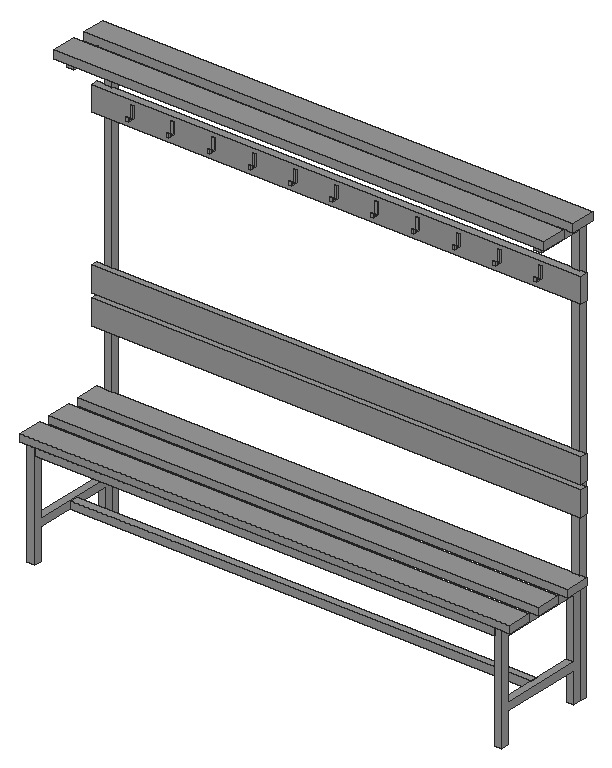
Revit family "Скамейка с вешалкой для раздевалок «Ювентус» Арт 20487", category Антураж, Revit 2018
Family settings
  На основе рабочей плоскости = Нет
  Всегда вертикально = Да
  При загрузке вырезать с полостями = Нет
  Источник визуального образа = Геометрия семейства
  Общий = Нет
  Точка расчета площади = Нет
Parameters (values of type "Версия 2,0 м")
  Ширина = 425 mm  # constant formula
  Цвет лавки = Тик
  Цвет крючков = Хром
  Цвет каркаса = Сталь
  Описание = if([Версия 1,2 м], "Скамейка с вешалкой для раздевалок «Ювентус» 1,2 м", if([Версия 1,5 м], "Скамейка с вешалкой для раздевалок «Ювентус» 1,5 м", "Скамейка с вешалкой для раздевалок «Ювентус» 2,0 м"))  # "Скамейка с вешалкой для раздевалок «Ювентус» 2,0 м"
  Материал изделия = "Сталь, дерево"  # constant formula
  Л1 = Длина / ([Кол-во крючков] + 1)  # 166.667 mm
  Кол-во крючков = if([Версия 1,2 м], 6, if([Версия 1,5 м], 8, 11))  # 11
  Изображение типоразмера = Скамейка с вешалкой для раздевалок «Ювентус» Арт 20487.jpg
  Изготовитель = "ООО «Хоббика»"  # constant formula
  Длина = if([Версия 1,2 м], 1200 mm, if([Версия 1,5 м], 1500 mm, 2000 mm))  # 2000 mm
  Группа модели = "Скамейки для раздевалок"  # constant formula
  Высота = 1785 mm  # constant formula
  Версия 2,0 м = yes
  Версия 1,5 м = no
  Версия 1,2 м = no
  Артикул товара = "Арт. 20487"  # constant formula
  URL = "https://hobbyka.ru/product/skameyka_dlya_razdevalok_latsio/"
Types (4, lengths in mm): name | Описание | Л1 | Кол-во крючков | Длина | Версия 2,0 м | Версия 1,5 м | Версия 1,2 м
  (no name) | "Скамейка с вешалкой для раздевалок «Ювентус» 2,0 м" | 166.667 | 11 | 2000 | yes | no | no
  Версия 1,2 м | "Скамейка с вешалкой для раздевалок «Ювентус» 1,2 м" | 171.429 | 6 | 1200 | no | no | yes
  Версия 1,5 м | "Скамейка с вешалкой для раздевалок «Ювентус» 1,5 м" | 166.667 | 8 | 1500 | no | yes | no
  Версия 2,0 м | "Скамейка с вешалкой для раздевалок «Ювентус» 2,0 м" | 166.667 | 11 | 2000 | yes | no | no
Reference planes
  plane 1 "По центру (Вперед/Назад)": y = 0
  plane 2: z = 0
  plane 3 "По центру (Влево/Вправо)": x = 0
  plane 4: x = 2000
  plane 5: y = 425
  plane 6: z = 1785
  plane 7: x = 30
  plane 8: x = 60
  plane 9: x = 1970
  plane 10: x = 1940
Forms (mm)
  Extrusion 1, solid, material "Тик" <- "Цвет лавки"
    sketch origin (0, 0, 0) x (0, 1, 0) y (0, 0, 1)
      loop
        line (425, 1755) -> (425, 1785) -> (325, 1785) -> (325, 1755) -> (425, 1755)
      loop
        line (275, 1755) -> (275, 1785) -> (175, 1785) -> (175, 1755) -> (275, 1755)
      loop
        line (395, 1575) -> (365, 1575) -> (365, 1475) -> (395, 1475) -> (395, 1575)
      loop
        line (395, 915) -> (365, 915) -> (365, 815) -> (395, 815) -> (395, 915)
      loop
        line (395, 795) -> (365, 795) -> (365, 695) -> (395, 695) -> (395, 795)
      loop
        line (395, 460) -> (295, 460) -> (295, 430) -> (395, 430) -> (395, 460)
      loop
        line (247.5, 460) -> (147.5, 460) -> (147.5, 430) -> (247.5, 430) -> (247.5, 460)
      loop
        line (100, 460) -> (0, 460) -> (0, 430) -> (100, 430) -> (100, 460)
    from 0 to 2000
  Extrusion 2, solid, material "Сталь" <- "Цвет каркаса"
    sketch origin (0, 0, 0) x (0, 1, 0) y (0, 0, 1)
      loop
        line (200, 1755) -> (200, 1725) -> (395, 1725) -> (395, 0) -> (425, 0) -> (425, 1755) -> (200, 1755)
    from 30 to 60
  Extrusion 3, solid, material "Сталь" <- "Цвет каркаса"
    sketch origin (0, 0, 0) x (0, 1, 0) y (0, 0, 1)
      loop
        line (200, 1755) -> (200, 1725) -> (395, 1725) -> (395, 0) -> (425, 0) -> (425, 1755) -> (200, 1755)
    from 1940 to 1970
  Extrusion 4, solid, material "Сталь" <- "Цвет каркаса"
    sketch origin (0, 0, 0) x (0, 1, 0) y (0, 0, 1)
      loop
        line (395, 0) -> (395, 430) -> (0, 430) -> (0, 0) -> (30, 0) -> (30, 125) -> (365, 125) -> (365, 0) -> (395, 0)
      loop
        line (365, 400) -> (30, 400) -> (30, 155) -> (365, 155) -> (365, 400)
    from 30 to 60
  Extrusion 5, solid, material "Сталь" <- "Цвет каркаса"
    sketch origin (0, 0, 0) x (0, 1, 0) y (0, 0, 1)
      loop
        line (395, 0) -> (395, 430) -> (0, 430) -> (0, 0) -> (30, 0) -> (30, 125) -> (365, 125) -> (365, 0) -> (395, 0)
      loop
        line (365, 400) -> (30, 400) -> (30, 155) -> (365, 155) -> (365, 400)
    from 1940 to 1970
  Extrusion 6, solid, material "Сталь" <- "Цвет каркаса"
    sketch origin (0, 0, 0) x (0, 1, 0) y (0, 0, 1)
      loop
        line (212.5, 155) -> (182.5, 155) -> (182.5, 125) -> (212.5, 125) -> (212.5, 155)
      loop
        line (0, 430) -> (0, 400) -> (30, 400) -> (30, 430) -> (0, 430)
      loop
        line (395, 430) -> (365, 430) -> (365, 400) -> (395, 400) -> (395, 430)
    from 60 to 1940
Dimensions and locks
  "Ширина": plane 5 to plane 1 "По центру (Вперед/Назад)"
  "Длина": plane 3 "По центру (Влево/Вправо)" to plane 4
  "Высота": plane 6 to level
  plane 3 "По центру (Влево/Вправо)" to plane 7 to plane 8 = 30 mm locked, 30 mm locked
  plane 10 to plane 9 to plane 4 = 30 mm locked, 30 mm locked
  Extrusion 1 to nested 1 to Extrusion 1 = 50 mm, 50 mm
  "Л1": nested 1 to plane 3 "По центру (Влево/Вправо)"
  equal spacing: group 1, group 2, group 3, group 4, group 5, group 6, group 7, group 8, group 9, group 10, group 11  (x3)
  "Л1": nested 2 to nested 1
  aligned and locked: level to plane 2
  aligned and locked: plane 4 to Extrusion 1
  aligned and locked: Extrusion 1 to plane 3 "По центру (Влево/Вправо)"
  aligned and locked: Extrusion 2 to plane 7
  aligned and locked: plane 8 to Extrusion 2
  aligned and locked: plane 9 to Extrusion 3
  aligned and locked: Extrusion 3 to plane 10
  aligned and locked: Extrusion 4 to Extrusion 2
  aligned and locked: Extrusion 2 to Extrusion 4
  aligned and locked: plane 9 to Extrusion 5
  aligned and locked: Extrusion 5 to plane 10
  aligned and locked: plane 10 to Extrusion 6
  aligned and locked: Extrusion 6 to Extrusion 2
Automatic sketch dimensions
  Extrusion 1 sketch curve to plane 1 "По центру (Вперед/Назад)" = 0 mm
  Extrusion 1 sketch curve to plane 6 = 0 mm  (x2)
  Extrusion 1 sketch curve to plane 5 = 0 mm
  Extrusion 1 sketch curve to plane 1 "По центру (Вперед/Назад)" = 100 mm
  Extrusion 1 sketch curve to Extrusion 1 sketch curve = 47.5 mm  (x2)
  Extrusion 1 sketch curve to plane 1 "По центру (Вперед/Назад)" = 175 mm
  Extrusion 1 sketch curve to Extrusion 1 sketch curve = 100 mm  (x5)
  Extrusion 1 sketch curve to Extrusion 1 sketch curve = 50 mm
  Extrusion 1 sketch curve to plane 5 = 60 mm  (x3)
  Extrusion 1 sketch curve to plane 5 = 30 mm  (x3)
  Extrusion 1 sketch curve to Extrusion 1 sketch curve = 0 mm  (x3)
  Extrusion 1 sketch curve to plane 6 = 30 mm  (x2)
  Extrusion 1 sketch curve to Extrusion 1 sketch curve = 180 mm
  Extrusion 1 sketch curve to Extrusion 1 sketch curve = 560 mm
  Extrusion 1 sketch curve to Extrusion 1 sketch curve = 20 mm
  Extrusion 1 sketch curve to Extrusion 1 sketch curve = 235 mm
  Extrusion 1 sketch curve to Extrusion 1 sketch curve = 30 mm  (x3)
  Extrusion 2 sketch curve to level = 0 mm
  Extrusion 2 sketch curve to plane 5 = 0 mm
  Extrusion 2 sketch curve to plane 5 = 30 mm
  Extrusion 2 sketch curve to plane 6 = 60 mm
  Extrusion 2 sketch curve to Extrusion 2 sketch curve = 195 mm
  Extrusion 2 sketch curve to plane 6 = 30 mm
  Extrusion 3 sketch curve to level = 0 mm
  Extrusion 3 sketch curve to plane 5 = 0 mm
  Extrusion 3 sketch curve to plane 5 = 30 mm
  Extrusion 3 sketch curve to plane 6 = 60 mm
  Extrusion 3 sketch curve to Extrusion 3 sketch curve = 195 mm
  Extrusion 3 sketch curve to plane 6 = 30 mm
  Extrusion 4 sketch curve to level = 0 mm  (x2)
  Extrusion 4 sketch curve to plane 1 "По центру (Вперед/Назад)" = 0 mm
  Extrusion 4 sketch curve to plane 1 "По центру (Вперед/Назад)" = 30 mm  (x2)
  Extrusion 4 sketch curve to plane 5 = 60 mm  (x2)
  Extrusion 4 sketch curve to Extrusion 4 sketch curve = 30 mm  (x3)
  level to Extrusion 4 sketch curve = 125 mm
  Extrusion 4 sketch curve to Extrusion 4 sketch curve = 245 mm
  Extrusion 5 sketch curve to level = 0 mm  (x2)
  Extrusion 5 sketch curve to plane 1 "По центру (Вперед/Назад)" = 0 mm
  Extrusion 5 sketch curve to plane 1 "По центру (Вперед/Назад)" = 30 mm  (x2)
  Extrusion 5 sketch curve to plane 5 = 60 mm  (x2)
  Extrusion 5 sketch curve to Extrusion 5 sketch curve = 30 mm  (x3)
  level to Extrusion 5 sketch curve = 125 mm
  Extrusion 5 sketch curve to Extrusion 5 sketch curve = 245 mm
  Extrusion 6 sketch curve to plane 1 "По центру (Вперед/Назад)" = 0 mm
  Extrusion 6 sketch curve to plane 1 "По центру (Вперед/Назад)" = 30 mm
  Extrusion 6 sketch curve to plane 1 "По центру (Вперед/Назад)" = 182.5 mm
  Extrusion 6 sketch curve to Extrusion 6 sketch curve = 30 mm  (x5)
  Extrusion 6 sketch curve to plane 5 = 60 mm
  level to Extrusion 6 sketch curve = 125 mm
  Extrusion 6 sketch curve to Extrusion 6 sketch curve = 245 mm  (x2)
Nested families
  nested 1: "Крючек для ювентуса" at (166.667, 365, 1510), type "Крючек для ювентуса"
  nested 2: "Крючек для ювентуса" at (333.333, 365, 1510), type "Крючек для ювентуса"
  nested 3: "Крючек для ювентуса" at (500, 365, 1510), type "Крючек для ювентуса"
  nested 4: "Крючек для ювентуса" at (666.667, 365, 1510), type "Крючек для ювентуса"
  nested 5: "Крючек для ювентуса" at (833.333, 365, 1510), type "Крючек для ювентуса"
  nested 6: "Крючек для ювентуса" at (1000, 365, 1510), type "Крючек для ювентуса"
  nested 7: "Крючек для ювентуса" at (1166.667, 365, 1510), type "Крючек для ювентуса"
  nested 8: "Крючек для ювентуса" at (1333.333, 365, 1510), type "Крючек для ювентуса"
  nested 9: "Крючек для ювентуса" at (1500, 365, 1510), type "Крючек для ювентуса"
  nested 10: "Крючек для ювентуса" at (1666.667, 365, 1510), type "Крючек для ювентуса"
  nested 11: "Крючек для ювентуса" at (1833.333, 365, 1510), type "Крючек для ювентуса"
Definition of nested family "Крючек для ювентуса"
  Parameters (values of type "Крючек для ювентуса")
    Цвет = none
    Height = 0 mm
  Reference planes
    plane 1 "По центру (Вперед/Назад)": y = 0
    plane 2: z = 0
    plane 3 "По центру (Влево/Вправо)": x = 0
  Forms (mm)
    Extrusion 1, solid, material <- "Цвет"
      sketch origin (0, 0, 0) x (0, 1, 0) y (0, 0, 1)
        loop
          line (0, 0) -> (0, 50) -> (-3, 50) -> (-3, 3) -> (-22, 3) -> (-22, 15) -> (-25, 15) -> (-25, 0) -> (0, 0)
      from -5 to 5
  Dimensions and locks
    aligned and locked: level to plane 2
